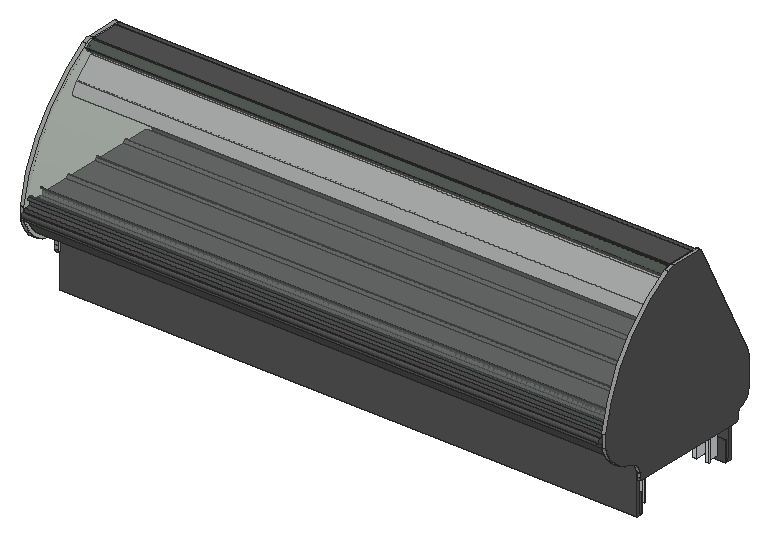
Revit family "ESGS_2014", category Specialty Equipment, Revit 2014 (continued)
Definition of nested family "Floor Support - E Series"
  Dimensions and locks (in)
    "Depth": plane 4 "Front" to plane 1 "Back"
    "Height": plane 3 "Top" to level
    equal spacing: plane 6 "Left", plane 5 "Center (Left/Right)", plane 7 "Right"
    "Width": plane 6 "Left" to plane 7 "Right"
    aligned and locked: Extrusion 4 to plane 3 "Top"
    aligned and locked: Extrusion 1 to plane 3 "Top"
  Automatic sketch dimensions
    plane 1 "Back" to Extrusion 1 sketch curve = 0"
    Extrusion 1 sketch curve to Extrusion 1 sketch curve = 1/8"  (x9)
    plane 1 "Back" to Extrusion 1 sketch curve = 1/8"
    Extrusion 1 sketch curve to Extrusion 1 sketch curve = 0"  (x2)
    Extrusion 1 sketch curve to plane 6 "Left" = 0"  (x2)
    plane 6 "Left" to Extrusion 1 sketch curve = 3/4"  (x2)
    Extrusion 1 sketch curve to plane 7 "Right" = 0"  (x2)
    Extrusion 1 sketch curve to plane 7 "Right" = 7/8"
    Extrusion 1 sketch curve to Extrusion 1 sketch curve = 7/8"
    Extrusion 3 sketch curve to plane 5 "Center (Left/Right)" = 0"  (x2)
    plane 4 "Front" to Extrusion 4 sketch curve = 1/8"
    plane 6 "Left" to Extrusion 4 sketch curve = 7/8"
    Extrusion 4 sketch curve to plane 7 "Right" = 7/8"
    plane 1 "Back" to Extrusion 4 sketch curve = 1/8"
    Extrusion 1 sketch curve to plane 4 "Front" = 0"
    Extrusion 1 sketch curve to Extrusion 1 sketch curve = 2.944"
    plane 4 "Front" to Extrusion 3 sketch curve = 0.783"
    Extrusion 1 sketch curve to Extrusion 1 sketch curve = 3.069"
    plane 1 "Back" to Extrusion 3 sketch curve = 0.526"
    radius of Extrusion 3 sketch curve = 1/2"  (x2)
Definition of nested family "Service Doors - 117deg - 48"
  Parameters (values of type "Service Doors - 117deg - 48")
    Glazing = Glass
    Door Frame = none
  Reference planes (in)
    plane 1 "Center (Front/Back)": y = 25.29918
    plane 2: z = 0
    plane 3 "Center (Left/Right)": x = 0
  Forms (in)
    Sweep 1, solid, material <- "Door Frame"
      path in 3D
        loop
          line (48, 12.47395, 49.89806) -> (0, 12.47395, 49.89806) -> (0, 25.29918, 24.72713) -> (48, 25.29918, 24.72713) -> (48, 12.47395, 49.89806)
      profile origin (24, 12.47395, 49.89806) x (0, -0.999433, -0.03367) y (0, -0.03367, 0.999433)
        loop
          line (0.21162, -0.099) -> (0, 0) -> (-0.6356, -1.35868) -> (1.40139, -2.3116) -> (1.82513, -1.40581) -> (0.01501, -0.55903) -> (0.21162, -0.099)
    Extrusion 2, solid, material <- "Door Frame"
      sketch origin (1.5, 11.15118, 47.54059) x (0, 0.45399, -0.891007) y (0, 0.891007, 0.45399)
        loop
          line (0, 0.25) -> (25.25, 0.25) -> (25.25, 1.0625) -> (0, 1.0625) -> (0, 0.25)
      from 0 to 23
    Extrusion 3, solid, material <- "Door Frame"
      sketch origin (46.5, 22.61444, 25.04267) x (0, -0.45399, 0.891007) y (0, 0.891007, 0.45399)
        loop
          line (25.25, 1.875) -> (0, 1.875) -> (0, 1.0625) -> (25.25, 1.0625) -> (25.25, 1.875)
      from 0 to 23
    Extrusion 4, void
      sketch origin (46.5, 13.11976, 47.80708) x (0, -0.45399, 0.891007) y (-1, 0, 0)
        loop
          line (-23.09373, 21.5) -> (-23.09373, 1.5) -> (-0.84373, 1.5) -> (-0.84373, 21.5) -> (-23.09373, 21.5)
      from 0 to 0.8125
    Extrusion 5, void
      sketch origin (1.5, 11.1405, 48.11223) x (0, -0.45399, 0.891007) y (1, 0, 0)
        loop
          line (-2.01418, 21.5) -> (-24.26418, 21.5) -> (-24.26418, 1.5) -> (-2.01418, 1.5) -> (-2.01418, 21.5)
      from 0 to 0.8125
    Extrusion 6, solid, material "Glass" <- "Glazing"
      sketch origin (25, 24.28508, 25.8939) x (0, -0.45399, 0.891007) y (0, -0.891007, -0.45399)
        loop
          line (1.5, 0.1875) -> (25.25, 0.1875) -> (25.25, 0.625) -> (1.5, 0.625) -> (1.5, 0.1875)
      from 0 to 20
    Extrusion 7, solid, material "Glass" <- "Glazing"
      sketch origin (23, 11.37393, 47.65408) x (0, 0.45399, -0.891007) y (0, -0.891007, -0.45399)
        loop
          line (1.5, -0.625) -> (25.25, -0.625) -> (25.25, -0.1875) -> (1.5, -0.1875) -> (1.5, -0.625)
      from 0 to 20
  Cuts and joins
    Extrusion 4 cuts Extrusion 3
    Extrusion 5 cuts Extrusion 2
  Lines and regions (in)
    sketch lines
      curve 1: line (48, 25.29918, 24.72713) -> (48, 12.47395, 49.89806)
      curve 2: line (0, 12.47395, 49.89806) -> (0, 25.29918, 24.72713)
      curve 3: line (48, 12.47395, 49.89806) -> (0, 12.47395, 49.89806)
      curve 4: line (48, 25.29918, 24.72713) -> (0, 25.29918, 24.72713)
  Dimensions and locks (in)
    Extrusion 2 to Extrusion 3 = 45"
    plane 3 "Center (Left/Right)" to Sweep 1 = 48"
    Sweep 1 to Sweep 1 = 1 1/2"
    locked: cut or joined group of Extrusion 3, Extrusion 4 to Extrusion 4 sketch curve at 1.5
    locked: Extrusion 5 sketch curve to cut or joined group of Extrusion 2, Extrusion 5 at 1.5
    Sweep 1 to Sweep 1 = 28 1/4"
    locked: cut or joined group of Extrusion 2, Extrusion 5 to Extrusion 5 sketch curve at 1.5  (x2)
    locked: Sweep 1 to Extrusion 5 sketch curve at 1.5
    locked: Extrusion 4 sketch curve to Sweep 1 at 1.5  (x3)
    Sweep 1 to Sweep 1 = 45"
    angle level to Sweep 1 = 117.00°
    aligned and locked: plane 2 to level
    aligned and locked: Extrusion 3 to Sweep 1  (x3)
    aligned and locked: Extrusion 2 to Sweep 1
    aligned and locked: Extrusion 6 to cut or joined group of Extrusion 3, Extrusion 4
    aligned and locked: cut or joined group of Extrusion 3, Extrusion 4 to Extrusion 6
    aligned and locked: cut or joined group of Extrusion 2, Extrusion 5 to Extrusion 7
    aligned and locked: plane 1 "Center (Front/Back)" to Sweep 1
    aligned and locked: Sweep 1 to Extrusion 2 sketch curve  (x2)
    aligned and locked: cut or joined group of Extrusion 2, Extrusion 5 to Extrusion 7 sketch curve
    aligned and locked: Extrusion 7 sketch curve to Sweep 1
    aligned and locked: Sweep 1 to Extrusion 3 sketch curve  (x2)
    aligned and locked: Extrusion 6 sketch curve to Sweep 1
    aligned and locked: Extrusion 6 sketch curve to cut or joined group of Extrusion 3, Extrusion 4
Definition of nested family "Service Doors - 117deg - 72"
  Parameters (values of type "Service Doors - 117deg - 72")
    Glazing = none
    Door Frame = none
  Reference planes (in)
    plane 1 "Center (Front/Back)": y = 25.29918
    plane 2: z = 0
    plane 3 "Center (Left/Right)": x = 0
  Forms (in)
    Sweep 1, solid, material <- "Door Frame"
      path in 3D
        loop
          line (72, 12.47395, 49.89806) -> (0, 12.47395, 49.89806) -> (0, 25.29918, 24.72713) -> (72, 25.29918, 24.72713) -> (72, 12.47395, 49.89806)
      profile origin (36, 12.47395, 49.89806) x (0, -0.999433, -0.03367) y (0, -0.03367, 0.999433)
        loop
          line (0.21162, -0.099) -> (0, 0) -> (-0.6356, -1.35868) -> (1.40139, -2.3116) -> (1.82513, -1.40581) -> (0.01501, -0.55903) -> (0.21162, -0.099)
    Extrusion 2, solid, material <- "Door Frame"
      sketch origin (1.5, 11.15118, 47.54059) x (0, 0.45399, -0.891007) y (0, 0.891007, 0.45399)
        loop
          line (0, 0.25) -> (25.25, 0.25) -> (25.25, 1.0625) -> (0, 1.0625) -> (0, 0.25)
      from 0 to 35
    Extrusion 3, solid, material <- "Door Frame"
      sketch origin (70.5, 22.61444, 25.04267) x (0, -0.45399, 0.891007) y (0, 0.891007, 0.45399)
        loop
          line (25.25, 1.875) -> (0, 1.875) -> (0, 1.0625) -> (25.25, 1.0625) -> (25.25, 1.875)
      from 0 to 35
    Extrusion 4, void
      sketch origin (70.5, 13.11976, 47.80708) x (0, -0.45399, 0.891007) y (-1, 0, 0)
        loop
          line (-23.09373, 33.5) -> (-23.09373, 1.5) -> (-0.84373, 1.5) -> (-0.84373, 33.5) -> (-23.09373, 33.5)
      from 0 to 0.8125
    Extrusion 5, void
      sketch origin (1.5, 11.1405, 48.11223) x (0, -0.45399, 0.891007) y (1, 0, 0)
        loop
          line (-2.01418, 33.5) -> (-24.26418, 33.5) -> (-24.26418, 1.5) -> (-2.01418, 1.5) -> (-2.01418, 33.5)
      from 0 to 0.8125
    Extrusion 6, solid, material <- "Glazing"
      sketch origin (37, 24.28508, 25.8939) x (0, -0.45399, 0.891007) y (0, -0.891007, -0.45399)
        loop
          line (1.5, 0.1875) -> (25.25, 0.1875) -> (25.25, 0.625) -> (1.5, 0.625) -> (1.5, 0.1875)
      from 0 to 32
    Extrusion 7, solid, material <- "Glazing"
      sketch origin (35, 11.37393, 47.65408) x (0, 0.45399, -0.891007) y (0, -0.891007, -0.45399)
        loop
          line (1.5, -0.625) -> (25.25, -0.625) -> (25.25, -0.1875) -> (1.5, -0.1875) -> (1.5, -0.625)
      from 0 to 32
  Cuts and joins
    Extrusion 4 cuts Extrusion 3
    Extrusion 5 cuts Extrusion 2
  Lines and regions (in)
    sketch lines
      curve 1: line (72, 25.29918, 24.72713) -> (72, 12.47395, 49.89806)
      curve 2: line (0, 12.47395, 49.89806) -> (0, 25.29918, 24.72713)
      curve 3: line (72, 12.47395, 49.89806) -> (0, 12.47395, 49.89806)
      curve 4: line (72, 25.29918, 24.72713) -> (0, 25.29918, 24.72713)
  Dimensions and locks (in)
    Extrusion 2 to Extrusion 3 = 69"
    plane 3 "Center (Left/Right)" to Sweep 1 = 72"
    Sweep 1 to Sweep 1 = 1 1/2"
    locked: cut or joined group of Extrusion 3, Extrusion 4 to Extrusion 4 sketch curve at 1.5
    locked: Extrusion 5 sketch curve to cut or joined group of Extrusion 2, Extrusion 5 at 1.5
    Sweep 1 to Sweep 1 = 28 1/4"
    locked: cut or joined group of Extrusion 2, Extrusion 5 to Extrusion 5 sketch curve at 1.5  (x2)
    locked: Sweep 1 to Extrusion 5 sketch curve at 1.5
    locked: Extrusion 4 sketch curve to Sweep 1 at 1.5  (x3)
    Sweep 1 to Sweep 1 = 69"
    angle level to Sweep 1 = 117.00°
    aligned and locked: plane 2 to level
    aligned and locked: Extrusion 3 to Sweep 1  (x3)
    aligned and locked: Extrusion 2 to Sweep 1
    aligned and locked: Extrusion 6 to cut or joined group of Extrusion 3, Extrusion 4
    aligned and locked: cut or joined group of Extrusion 3, Extrusion 4 to Extrusion 6
    aligned and locked: cut or joined group of Extrusion 2, Extrusion 5 to Extrusion 7
    aligned and locked: plane 1 "Center (Front/Back)" to Sweep 1
    aligned and locked: Sweep 1 to Extrusion 2 sketch curve  (x2)
    aligned and locked: cut or joined group of Extrusion 2, Extrusion 5 to Extrusion 7 sketch curve
    aligned and locked: Extrusion 7 sketch curve to Sweep 1
    aligned and locked: Sweep 1 to Extrusion 3 sketch curve  (x2)
    aligned and locked: Extrusion 6 sketch curve to Sweep 1
    aligned and locked: Extrusion 6 sketch curve to cut or joined group of Extrusion 3, Extrusion 4
Definition of nested family "Light"
  Parameters (values of type "Light")
    Wattage = 16.1571 W
    built-in parameter 1150110 = 1 (stored number, unit not read)
    built-in parameter 1114217 = 1 (stored number, unit not read)
    built-in parameter 1150109 = 1 (stored number, unit not read)
    built-in parameter 1150134 = (empty or 0)
    built-in parameter 1150113 = 1 (stored number, unit not read)
    Lumens = 2400 lm
    built-in parameter 1150115 = 1 (stored number, unit not read)
    built-in parameter 1150105 = 763.94 (stored number, unit not read)
    Light Source Symbol Size = 24"
    built-in parameter 1150137 = (empty or 0)
    built-in parameter 1150139 = (empty or 0)
    Lense = none
    Length = 144"
    built-in parameter 1150112 = 1 (stored number, unit not read)
    built-in parameter 1150114 = 1 (stored number, unit not read)
    built-in parameter 1150132 = 2
    built-in parameter 1150102 = (empty or 0)
    built-in parameter 1150138 = (empty or 0)
    built-in parameter 1150107 = 6100 (stored number, unit not read)
    built-in parameter 1150106 = 7.6394 (stored number, unit not read)
    Emit from Line Length = Length  # 144"
    built-in parameter 1150104 = 13.8 (stored number, unit not read)
    Dimming Lamp Color Temperature Shift = (empty or 0)
    Color Filter = 16777215
    Casing = none
    built-in parameter 1114218 = 1 (stored number, unit not read)
    built-in parameter 1150133 = 10 (stored number, unit not read)
  Reference planes (in)
    plane 1 "Light Source Axis (F/B)": y = -8.60801
    plane 2: z = 0
    plane 3 "Light Source Axis (L/R)": x = 0
    plane 4 "Light Source Elevation": z = 52.5
    plane 5: z = 0
    plane 6 "Left": x = -72
    plane 7 "Right": x = 72
  Lines and regions (in)
    model lines
      curve 1: line (-72, -8.60801, 52.5) -> (72, -8.60801, 52.5)
  Dimensions and locks (in)
    equal spacing: plane 7 "Right", plane 3 "Light Source Axis (L/R)", plane 6 "Left"
    "Length": plane 7 "Right" to plane 6 "Left"
    aligned and locked: plane 3 "Light Source Axis (L/R)" to imposter light
    aligned and locked: plane 1 "Light Source Axis (F/B)" to imposter light
    aligned and locked: plane 4 "Light Source Elevation" to imposter light
    aligned and locked: level to plane 5
  Automatic sketch dimensions
    plane 1 "Light Source Axis (F/B)" to curve 1 = 0"
    curve 1 to plane 6 "Left" = 0"
    curve 1 to plane 7 "Right" = 0"
Types (4): name | Width | Total Weight | Number of Supports | Location of Drain | Case Weight | 8 Case | 6 Case | 4 Case | 12 Case
  12'-0" Length | 144 1/2" | 1400.00 lbf | 4 | 72 1/4" | 1200.00 lbf | no | no | no | yes
  6'-0" Length | 72 3/8" | 900.00 lbf | 3 | 24 1/8" | 700.00 lbf | no | yes | no | no
  8'-0" Length | 96 3/8" | 1300.00 lbf | 3 | 24 1/8" | 1100.00 lbf | yes | no | no | no
  4'-0" Length | 48 1/4" | 800.00 lbf | 2 | 24 1/8" | 600.00 lbf | no | no | yes | no
